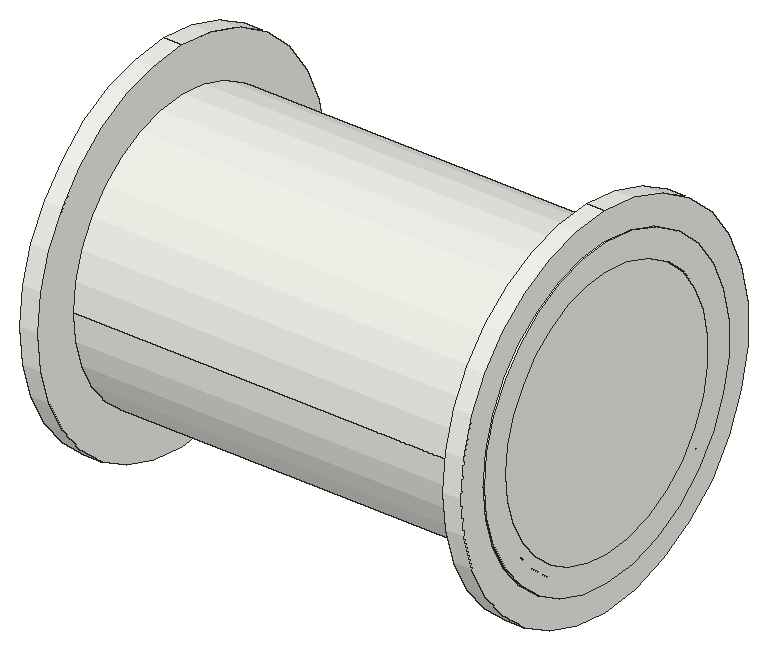
Revit family "FoFo_Toco", category Pipe Fittings, Revit 2025
Family settings
  Round Connector Dimension = Use Radius
  Part Type = Union
  OmniClass Number = 23.60.30.11.14
  OmniClass Title = Pipework Fittings
  Work Plane-Based = Yes
  Always vertical = No
  Cut with Voids When Loaded = No
  Shared = No
Parameters (values of type "TOFAV_10_0400")
  PN = "10"
  Manufacturer = "SGC"
  Loss Method = K Coefficient from Table
  K Coefficient Table = "Tee"
  Junta_1_Tipo = FoFo_Junta_Flange : FLA_10_0400
  Description = "Toco Flangeado"
  Default Elevation = 0.0 mm
  DN = "400"
  Corpo_L = 700.0 mm
  Corpo_RE1 = 0.5 * Corpo_DE  # 214.5 mm
  Corpo_DE = 429.0 mm
Reference planes
  plane 1 "EixoP": y = 0
  plane 2: z = 0
  plane 3 "EixoS": x = 468.25
  plane 4 "EE": x = 118.25
  plane 5 "ED": x = 818.25
Forms (mm)
  Sweep 1, solid, material "FOFO"
    path origin (0, 0, 0) x (1, 0, 0) y (0, 1, 0)
      loop
        line (118.25, 0) -> (818.25, 0)
    profile origin (468.25, 0, 0) x (0, 1, 0) y (0, 0, 1)
      loop
        circle (0, 0) r 214.5
Dimensions and locks
  "Corpo_L": plane 4 "EE" to plane 5 "ED"
  equal spacing: plane 4 "EE", plane 3 "EixoS", plane 5 "ED"
  "Corpo_RE1": radius of Sweep 1 sketch curve
  aligned and locked: Sweep 1 sketch curve to plane 1 "EixoP"
  aligned and locked: plane 5 "ED" to Sweep 1 sketch curve
  aligned and locked: plane 4 "EE" to Sweep 1 sketch curve
Automatic sketch dimensions
  Sweep 1 sketch curve to level = 0.0 mm
  Sweep 1 sketch curve to profile plane = 0.0 mm
Nested families
  nested 1: "FoFo_Junta_Flange" at (818.25, 0, 0) x (0, 0, 1) z (1, 0, 0), type <- "Junta_1_Tipo", type "FLA_10_0400"
    with Furo_V 252.552 mm, Flange_RT 214.5 mm, Flange_RL 200.0 mm, Flange_RG 240.0 mm, Flange_RF 257.5 mm, Flange_RD 282.5 mm, Furo_Quant 16, Flange_MA 11.25°, Furo_H 50.236 mm, Flange_Diâmetro_Resalto 480.0 mm, Furo_Raio 12.0 mm, Furo_Diâmetro 24.0 mm, Flange_Diâmetro_Livre 400.0 mm, Flange_Diâmetro_Furação 515.0 mm, Flange_Diâmetro_Tubo 429.0 mm, Flange_Diâmetro_Externo 565.0 mm, Flange_Resalto 4.0 mm, Flange_Altura 28.0 mm
  nested 2: "FoFo_Junta_Flange" at (118.25, 0, 0) x (0, 0, 1) z (-1, 0, 0), type <- "Junta_1_Tipo", type "FLA_10_0400"
    with Furo_V 252.552 mm, Flange_RT 214.5 mm, Flange_RL 200.0 mm, Flange_RG 240.0 mm, Flange_RF 257.5 mm, Flange_RD 282.5 mm, Furo_Quant 16, Flange_MA 11.25°, Furo_H 50.236 mm, Flange_Diâmetro_Resalto 480.0 mm, Furo_Raio 12.0 mm, Furo_Diâmetro 24.0 mm, Flange_Diâmetro_Livre 400.0 mm, Flange_Diâmetro_Furação 515.0 mm, Flange_Diâmetro_Tubo 429.0 mm, Flange_Diâmetro_Externo 565.0 mm, Flange_Resalto 4.0 mm, Flange_Altura 28.0 mm
Connectors
  piping at (818.25, 0, 0), diameter 429, driven by "Corpo_RE1"
    settings: on nested 1, index 1, connector inside diameter 24", connector length 0.0 mm, flow factor 0, pipe flow 0 GPM, pressure drop 0.00 psi, fitting loss kfactor 0, connector angle 0.00°, fixture units 0, engagement length 0.0 mm, angle of deflection 0.00°, flow configuration 0, flow direction 0, fitting loss method 0, system type 7, joint type 0, gender type 0, connector reference index -1, connector utility 0, adjustable connector no, is connector primary yes, connector description ""
  piping at (118.25, 0, 0), diameter 429, driven by "Corpo_RE1"
    settings: on nested 2, index 2, connector inside diameter 24", connector length 0.0 mm, flow factor 0, pipe flow 0 GPM, pressure drop 0.00 psi, fitting loss kfactor 0, connector angle 0.00°, fixture units 0, engagement length 0.0 mm, angle of deflection 0.00°, flow configuration 0, flow direction 0, fitting loss method 0, system type 7, joint type 0, gender type 0, connector reference index -1, connector utility 0, adjustable connector no, is connector primary no, connector description ""
Definition of nested family "FoFo_Junta_Flange"
  Parameters (values of type "FLA_10_0080")
    PN = "10"
    Furo_V = Flange_RF * cos(Flange_MA)  # 73.91 mm
    Flange_RT = 0.5 * Flange_Diâmetro_Tubo  # 49.0 mm
    Flange_RL = 0.5 * Flange_Diâmetro_Livre  # 40.0 mm
    Flange_RG = 0.5 * Flange_Diâmetro_Resalto  # 66.0 mm
    Flange_RF = 0.5 * Flange_Diâmetro_Furação  # 80.0 mm
    Flange_RD = 0.5 * Flange_Diâmetro_Externo  # 100.0 mm
    Furo_Quant = 8
    Flange_MA = 0.5 * (360.00° / Furo_Quant)  # 22.50°
    Furo_H = Flange_RF * sin(Flange_MA)  # 30.615 mm
    Flange_Diâmetro_Resalto = 132.0 mm
    Furo_Raio = 0.5 * Furo_Diâmetro  # 8.0 mm
    Furo_Diâmetro = 16.0 mm
    Flange_Diâmetro_Livre = 80.0 mm
    Flange_Diâmetro_Furação = 160.0 mm
    Flange_Diâmetro_Tubo = 98.0 mm
    Flange_Diâmetro_Externo = 200.0 mm
    Flange_Resalto = 3.0 mm
    Flange_Altura = 19.0 mm
    Default Elevation = 0.0 mm
    DN = "80"
  Reference planes
    plane 1 "Centro (Frente/Trás)": y = 0
    plane 2: z = 0
    plane 3 "Centro (Esquerda/Direita)": x = 0
    plane 4: z = -3
    plane 5: z = -22
  Forms (mm)
    Extrusion 1, solid
      sketch origin (0, 0, 0) x (1, 0, 0) y (0, 1, 0)
        loop
          circle (0, 0) r 100
      from -22 to -3
    Extrusion 2, solid
      sketch origin (0, 0, 0) x (1, 0, 0) y (0, 1, 0)
        loop
          circle (0, 0) r 66
      from 0 to -3
    Extrusion 3, void
      sketch origin (0, 0, 0) x (1, 0, 0) y (0, 1, 0)
        loop
          circle (0, 0) r 40
      from 0 to -22
  Cuts and joins
    Extrusion 3 cuts Extrusion 1
    Extrusion 3 cuts Extrusion 2
    joined: Extrusion 1, Extrusion 2
  Lines and regions (mm)
    model lines
      curve 1: line (-40, 0, 0) -> (40, 0, 0)
      curve 2: line (0, 40, 0) -> (0, -40, 0)
  Dimensions and locks
    "Flange_Resalto": plane 2 to plane 4
    "Flange_Altura": plane 4 to plane 5
    "Flange_RD": radius of Extrusion 1 sketch curve
    "Flange_RG": radius of Extrusion 2 sketch curve
    "Flange_RL": radius of Extrusion 3 sketch curve
    aligned and locked: plane 2 to level
    aligned and locked: Extrusion 1 to plane 5
    aligned and locked: Extrusion 1 to Extrusion 3
    aligned and locked: cut or joined group of Extrusion 1, Extrusion 2, Extrusion 3 to plane 4
    aligned and locked: plane 4 to cut or joined group of Extrusion 1, Extrusion 2, Extrusion 3
  Automatic sketch dimensions
    plane 1 "Centro (Frente/Trás)" to curve 1 = 0.0 mm
    curve 1 to plane 3 "Centro (Esquerda/Direita)" = 40.0 mm
    plane 3 "Centro (Esquerda/Direita)" to curve 1 = 40.0 mm
    plane 1 "Centro (Frente/Trás)" to curve 2 = 40.0 mm
    curve 2 to plane 1 "Centro (Frente/Trás)" = 40.0 mm
    curve 2 to plane 3 "Centro (Esquerda/Direita)" = 0.0 mm
    plane 1 "Centro (Frente/Trás)" to Extrusion 1 sketch curve = 0.0 mm
    Extrusion 1 sketch curve to plane 3 "Centro (Esquerda/Direita)" = 0.0 mm
    plane 1 "Centro (Frente/Trás)" to Extrusion 2 sketch curve = 0.0 mm
    Extrusion 2 sketch curve to plane 3 "Centro (Esquerda/Direita)" = 0.0 mm
    plane 1 "Centro (Frente/Trás)" to Extrusion 3 sketch curve = 0.0 mm
    Extrusion 3 sketch curve to plane 3 "Centro (Esquerda/Direita)" = 0.0 mm
Types in the file's own list only (15): name | Junta_1_Tipo | DN | Corpo_RE1 | Corpo_DE
  TOFAV_10_0080 | FoFo_Junta_Flange : FLA_10_0080 | "80" | 49.0 mm | 98.0 mm
  TOFAV_10_0100 | FoFo_Junta_Flange : FLA_10_0100 | "100" | 59.0 mm | 118.0 mm
  TOFAV_10_0150 | FoFo_Junta_Flange : FLA_10_0150 | "150" | 85.0 mm | 170.0 mm
  TOFAV_10_0200 | FoFo_Junta_Flange : FLA_10_0200 | "200" | 111.0 mm | 222.0 mm
  TOFAV_10_0250 | FoFo_Junta_Flange : FLA_10_0250 | "250" | 137.0 mm | 274.0 mm
  TOFAV_10_0300 | FoFo_Junta_Flange : FLA_10_0300 | "300" | 163.0 mm | 326.0 mm
  TOFAV_10_0350 | FoFo_Junta_Flange : FLA_10_0350 | "350" | 189.0 mm | 378.0 mm
  TOFAV_10_0450 | FoFo_Junta_Flange : FLA_10_0450 | "450" | 240.0 mm | 480.0 mm
  TOFAV_10_0500 | FoFo_Junta_Flange : FLA_10_0500 | "500" | 266.0 mm | 532.0 mm
  TOFAV_10_0600 | FoFo_Junta_Flange : FLA_10_0600 | "600" | 317.5 mm | 635.0 mm
  TOFAV_10_0700 | FoFo_Junta_Flange : FLA_10_0700 | "700" | 369.0 mm | 738.0 mm
  TOFAV_10_0800 | FoFo_Junta_Flange : FLA_10_0800 | "800" | 421.0 mm | 842.0 mm
  TOFAV_10_0900 | FoFo_Junta_Flange : FLA_10_0900 | "900" | 472.5 mm | 945.0 mm
  TOFAV_10_1000 | FoFo_Junta_Flange : FLA_10_1000 | "1000" | 524.0 mm | 1048.0 mm
  TOFAV_10_1200 | FoFo_Junta_Flange : FLA_10_1200 | "1200" | 627.5 mm | 1255.0 mm
